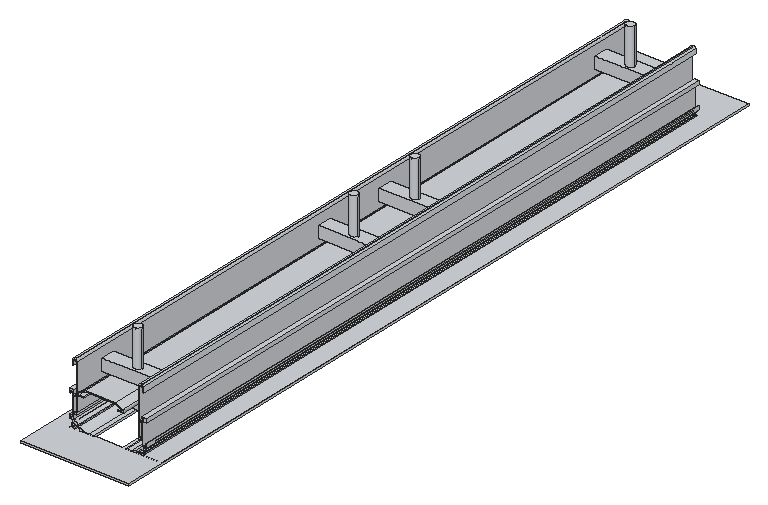
Revit family "DAC-H", category Air Terminals, Revit 2012
Parameters (values of type "DAC-I-01-1")
  URL = "http://www.innes.com.mx"
  Soportes = yes
  Perfil central = no
  Mínima velocidad de cuello = 0 FPM
  Mínima presión estática = 0.00 in-wg
  Máximo nivel de ruido (NC) = "32"
  Máxima velocidad de cuello = 0 FPM
  Máxima presión estática = 0.00 in-wg
  Min Flow = 0 CFM
  Medida req. = 24"
  Max Flow = 0 CFM
  Material = "Aluminio"
  Manufacturer = "INNES"
  Largo perfil = Medida req. - 1/16"  # 23 15/16"
  Largo frente = Medida req. + 2 7/8"  # 26 7/8"
  Deflector = yes
  Cuello = "Cuadrado"
  C = 2 11/16"
  B = 3 3/4"
  Ancho perfil medio = 1.95399"
  A = 1"
Types (11): name | Soportes | Perfil central | Máximo nivel de ruido (NC) | Medida req. | Material | Largo perfil | Largo frente | Deflector | Cuello | C | B | Ancho perfil medio | A
  (no name) | yes | no | "32" | 24" | "Aluminio" | 23 15/16" | 26 7/8" | yes | "Cuadrado" | 2 11/16" | 3 3/4" | 1.95399" | 1"
  DAC-I-01-3 | yes | no | "" | 144" | "" | 143 15/16" | 146 7/8" | yes | "" | 4 11/16" | 5 3/4" | 1.95399" | 3"
  DAC-I-01-1 | yes | no | "32" | 24" | "Aluminio" | 23 15/16" | 26 7/8" | yes | "Cuadrado" | 2 11/16" | 3 3/4" | 1.95399" | 1"
  DAC-I-01-1 1/2 | yes | no | "" | 72" | "" | 71 15/16" | 74 7/8" | yes | "" | 3 3/16" | 4 1/4" | 1.95399" | 1 1/2"
  DAC-I-01-2 | yes | no | "" | 48" | "" | 47 15/16" | 50 7/8" | yes | "" | 3 11/16" | 4 3/4" | 1.95399" | 2"
  DAC-I-01-2 1/2 | yes | no | "" | 48" | "" | 47 15/16" | 50 7/8" | yes | "" | 4 3/16" | 5 1/4" | 1.95399" | 2 1/2"
  DAC-I-02-1 | no | yes | "" | 24" | "" | 23 15/16" | 26 7/8" | no | "" | 5" | 6 1/8" | 1 3/8" | 3 3/8"
  DAC-I-02-3 | no | yes | "" | 24" | "" | 23 15/16" | 26 7/8" | no | "" | 9" | 10 1/8" | 1 3/8" | 7 3/8"
  DAC-I-02-1 1/2 | no | yes | "" | 48" | "" | 47 15/16" | 50 7/8" | no | "" | 6" | 7 1/8" | 1 3/8" | 4 3/8"
  DAC-I-02-2 | no | yes | "" | 72" | "" | 71 15/16" | 74 7/8" | no | "" | 7" | 8 1/8" | 1 3/8" | 5 3/8"
  DAC-I-02-2 1/2 | no | yes | "" | 48" | "" | 47 15/16" | 50 7/8" | no | "" | 8" | 9 1/8" | 1 3/8" | 6 3/8"
Reference planes (in)
  plane 1 "Center (Front/Back)": y = 0
  plane 2: z = 0
  plane 3 "Center (Left/Right)": x = 0
  plane 4: x = -1.34375
  plane 5: x = -0.5
  plane 6: x = 1.875
  plane 7: x = -1.875
  plane 8: x = 1.34375
  plane 9: x = 0.5
  plane 10: z = 2.21875
  plane 11: y = 11.96875
  plane 12: y = -11.96875
  plane 13: z = 1.25
  plane 14: z = 0.5
  plane 15: z = 1.125
  plane 16: z = 0.375
  plane 17: y = 13.4375
  plane 18: y = -13.4375
  plane 19: y = 12
  plane 20: y = -12
  plane 21: z = 1.125
  plane 22: z = 1.375
  plane 23: y = 10.9375
  plane 24: y = -10.4375
  plane 25: y = 10.4375
  plane 26: y = -10.9375
  plane 27: y = 1.5625
  plane 28: y = -1.5625
  plane 29: y = 1.0625
  plane 30: y = -1.0625
  plane 31: z = 0.65625
  plane 32: z = 1.0625
  plane 33: z = 1.4375
  plane 34: z = 1.84375
  plane 35: y = 1.32554
  plane 36: y = -1.3125
  plane 37: y = -10.6875
  plane 38: z = 3.09375
  plane 39: y = 10.66594
  plane 40: x = -0.97699
  plane 41: x = 0.97699
  plane 42: x = 0.03125
  plane 43: x = -0.03125
  plane 44: x = 0.97699
  plane 45: x = -0.97699
  plane 46: x = 0.03125
  plane 47: x = -0.03125
Forms (in)
  Sweep 1, solid
    path origin (0, 0, 0) x (0, 1, 0) y (0, 0, 1)
      loop
        line (11.96875, 0) -> (-11.96875, 0)
    profile origin (0, 0, 0) x (0, 0, -1) y (1, 0, 0)
      loop
        line (0, 0.5) -> (0, 1.875) -> (-0.06301, 1.875) -> (-0.06301, 1) -> (-0.11088, 1) -> (-0.16561, 1.07816)
        arc (-0.16561, 1.07816) -> (-0.07819, 1.15462) -> (-0.1322, 1.25743) r 0.09375
        line (-0.1322, 1.25743) -> (-0.13788, 1.2252)
        arc (-0.13788, 1.2252) -> (-0.17096, 1.11088) -> (-0.20405, 1.2252) r 0.06194
        line (-0.20405, 1.2252) -> (-0.22605, 1.2472)
        arc (-0.22605, 1.2472) -> (-0.24228, 1.23527) -> (-0.25421, 1.21904) r 0.06669
        line (-0.25421, 1.21904) -> (-0.32959, 1.21904) -> (-0.32959, 1.34375) -> (-0.45459, 1.34375) -> (-0.45459, 1.30439) -> (-0.375, 1.30439) -> (-0.375, 1.21093) -> (-1.20459, 1.21093) -> (-1.20459, 1.25) -> (-1.125, 1.25) -> (-1.125, 1.34375) -> (-1.25, 1.34375) -> (-1.25, 1.17991) -> (-1.14061, 1.17991) -> (-1.14061, 1.11926) -> (-1.07742, 1.11926) -> (-1.07742, 1.17991) -> (-0.57742, 1.17991) -> (-0.57742, 1.06561) -> (-0.51695, 1.06561) -> (-0.51695, 1.18803) -> (-0.36191, 1.18803)
        arc (-0.36191, 1.18803) -> (-0.11863, 0.95633) -> (-0.06301, 0.625) r 0.53125
        line (-0.06301, 0.625) -> (-0.06301, 0.5) -> (0, 0.5)
      loop
        line (0, -0.5) -> (-0.06301, -0.5) -> (-0.06301, -0.6875)
        arc (-0.06301, -0.6875) -> (-0.13669, -0.98301) -> (-0.36191, -1.18803) r 0.5255
        line (-0.36191, -1.18803) -> (-0.51695, -1.18803) -> (-0.51695, -1.07816) -> (-0.57742, -1.07816) -> (-0.57742, -1.18803) -> (-1.07742, -1.18803) -> (-1.07742, -1.12738) -> (-1.14061, -1.12738) -> (-1.14061, -1.18803) -> (-1.25, -1.18803) -> (-1.25, -1.34375) -> (-1.125, -1.34375) -> (-1.125, -1.28125) -> (-1.20459, -1.28125) -> (-1.20459, -1.21904) -> (-0.375, -1.21904) -> (-0.375, -1.28125) -> (-0.45459, -1.28125) -> (-0.45459, -1.34375) -> (-0.32959, -1.34375) -> (-0.32959, -1.21904) -> (-0.25421, -1.21904)
        arc (-0.25421, -1.21904) -> (-0.24228, -1.23527) -> (-0.22605, -1.2472) r 0.06669
        line (-0.22605, -1.2472) -> (-0.20405, -1.2252)
        arc (-0.20405, -1.2252) -> (-0.17096, -1.11088) -> (-0.13788, -1.2252) r 0.06194
        line (-0.13788, -1.2252) -> (-0.1322, -1.25743)
        arc (-0.1322, -1.25743) -> (-0.07819, -1.15462) -> (-0.16561, -1.07816) r 0.09375
        line (-0.16561, -1.07816) -> (-0.11088, -1) -> (-0.06301, -1) -> (-0.06301, -1.875) -> (0, -1.875) -> (0, -0.5)
      loop
        arc (-2.16311, 1.09383) -> (-2.20999, 1.14071) -> (-2.16311, 1.18758) r 0.04688
        line (-2.16311, 1.18758) -> (-2.02101, 1.20252) -> (-2.02428, 1.2336) -> (-2.20028, 1.22044)
        arc (-2.20028, 1.22044) -> (-2.24382, 1.12666) -> (-2.16268, 1.06258) r 0.08341
        line (-2.16268, 1.06258) -> (-0.6043, 1.06258) -> (-0.6043, 1.09383) -> (-2.16311, 1.09383)
      loop
        line (-2.16311, -1.10195) -> (-0.6043, -1.10195) -> (-0.6043, -1.0707) -> (-2.16268, -1.0707)
        arc (-2.16268, -1.0707) -> (-2.24382, -1.13478) -> (-2.20028, -1.22855) r 0.08341
        line (-2.20028, -1.22855) -> (-2.02428, -1.24171) -> (-2.02101, -1.21063) -> (-2.16311, -1.1957)
        arc (-2.16311, -1.1957) -> (-2.20999, -1.14882) -> (-2.16311, -1.10195) r 0.04688
  Extrusion 2, solid
    sketch origin (0, 0, 0) x (1, 0, 0) y (0, 1, 0)
      loop
        line (-1.875, 13.4375) -> (-1.875, -13.4375) -> (1.875, -13.4375) -> (1.875, 13.4375) -> (-1.875, 13.4375)
      loop
        line (-0.5, 11.96875) -> (-0.5, -11.96875) -> (0.5, -11.96875) -> (0.5, 11.96875) -> (-0.5, 11.96875)
    from 0 to 0.06301
  Extrusion 3, solid
    sketch origin (0.14912, 0.24853, 0) x (1, 0, 0) y (0, 1, 0)
      loop
        line (-1.21981, 10.68897) -> (-1.21981, 10.18897) -> (0.91649, 10.18897) -> (0.91649, 10.68897) -> (-1.21981, 10.68897)
      loop
        line (-1.21981, 1.31397) -> (-1.21981, 0.81397) -> (0.91346, 0.81397) -> (0.91346, 1.31397) -> (-1.21981, 1.31397)
      loop
        line (-1.21981, -1.31103) -> (-1.21981, -1.81103) -> (0.91346, -1.81103) -> (0.91346, -1.31103) -> (-1.21981, -1.31103)
      loop
        line (-1.21981, -10.68603) -> (-1.21981, -11.18603) -> (0.91649, -11.18603) -> (0.91649, -10.68603) -> (-1.21981, -10.68603)
    from 0.65625 to 1.0625
  Extrusion 4, solid
    sketch origin (0, 0, 0) x (1, 0, 0) y (0, 1, 0)
      loop
        line (-1.0707, 10.4375) -> (1.06561, 10.4375) -> (1.06561, 10.9375) -> (-1.0707, 10.9375) -> (-1.0707, 10.4375)
      loop
        line (-1.0707, 1.5625) -> (-1.0707, 1.0625) -> (1.06258, 1.0625) -> (1.06258, 1.5625) -> (-1.0707, 1.5625)
      loop
        line (-1.0707, -1.0625) -> (-1.0707, -1.5625) -> (1.06258, -1.5625) -> (1.06258, -1.0625) -> (-1.0707, -1.0625)
      loop
        line (-1.0707, -10.4375) -> (-1.0707, -10.9375) -> (1.06561, -10.9375) -> (1.06561, -10.4375) -> (-1.0707, -10.4375)
    from 1.4375 to 1.84375
  Extrusion 5, solid, visible <- "Soportes"
    sketch origin (0, 0, 0) x (1, 0, 0) y (0, 1, 0)
      loop
        circle (0, 1.32554) r 0.14063
      loop
        circle (0, -1.3125) r 0.14063
      loop
        circle (0, -10.6875) r 0.14063
      loop
        circle (0, 10.66594) r 0.14063
    from 0.6043 to 3.09375
  Sweep 6, solid, visible <- "Perfil central"
    path origin (0, 0, 0) x (1, 0, 0) y (0, 1, 0)
      loop
        line (0, 11.96875) -> (0, -11.96875)
    profile origin (0, 0, 0) x (1, 0, 0) y (0, 0, 1)
      loop
        line (-0.97699, 0) -> (0.97699, 0) -> (0.97699, 0.06301)
        arc (0.97699, 0.06301) -> (0.47405, 0.11732) -> (0.03125, 0.36191) r 1.28228
        line (0.03125, 0.36191) -> (0.03125, 2.21875) -> (-0.03125, 2.21875) -> (-0.03125, 0.36191)
        arc (-0.03125, 0.36191) -> (-0.47404, 0.11729) -> (-0.97699, 0.06301) r 1.28199
        line (-0.97699, 0.06301) -> (-0.97699, 0)
  Sweep 7, solid, visible <- "Deflector"
    path origin (0, 0, 0) x (1, 0, 0) y (0, 1, 0)
      loop
        line (0, 11.96875) -> (0, -11.96875)
    profile origin (0, 0, 0) x (1, 0, 0) y (0, 0, 1)
      loop
        line (-0.78945, 1.375) -> (-1.03301, 1.23437)
        arc (-1.03301, 1.23437) -> (-1.06115, 1.17132) -> (-1.00994, 1.125) r 0.0588
        line (-1.00994, 1.125) -> (-0.85369, 1.125) -> (-0.85369, 1.15614) -> (-1.00994, 1.15614)
        arc (-1.00994, 1.15614) -> (-1.03389, 1.18022) -> (-1.01951, 1.21098) r 0.02964
        line (-1.01951, 1.21098) -> (-0.78945, 1.34381) -> (0.27305, 1.34381) -> (0.50312, 1.21098)
        arc (0.50312, 1.21098) -> (0.51702, 1.1787) -> (0.49006, 1.15614) r 0.02941
        line (0.49006, 1.15614) -> (0.33381, 1.15614) -> (0.33381, 1.125) -> (0.49006, 1.125)
        arc (0.49006, 1.125) -> (0.54634, 1.16925) -> (0.51662, 1.23437) r 0.05791
        line (0.51662, 1.23437) -> (0.27305, 1.375) -> (-0.78945, 1.375)
Dimensions and locks (in)
  equal spacing: plane 6, plane 3 "Center (Left/Right)", plane 7
  "B": plane 6 to plane 7
  equal spacing: plane 9, plane 3 "Center (Left/Right)", plane 5
  "A": plane 9 to plane 5
  equal spacing: plane 8, plane 3 "Center (Left/Right)", plane 4
  "C": plane 8 to plane 4
  locked: plane 10 to level at 2.21875
  equal spacing: plane 11, plane 1 "Center (Front/Back)", plane 12
  "Largo perfil": plane 11 to plane 12
  plane 13 to level = 1 1/4"
  plane 13 to plane 15 = 1/8"
  plane 14 to level = 1/2"
  plane 14 to plane 16 = 1/8"
  equal spacing: plane 17, plane 1 "Center (Front/Back)", plane 18
  "Largo frente": plane 17 to plane 18
  equal spacing: plane 19, plane 1 "Center (Front/Back)", plane 20
  "Medida req.": plane 19 to plane 20
  locked: Sweep 1 sketch curve to Sweep 1 sketch curve at 0.03101
  locked: Sweep 1 sketch curve to Sweep 1 sketch curve at 0.08608  (x2)
  locked: Sweep 1 sketch curve to Sweep 1 sketch curve at 0.03125  (x2)
  locked: Sweep 1 sketch curve to Sweep 1 sketch curve at 0.06221
  locked: plane 21 to level at 1.125
  locked: plane 22 to level at 1.375
  plane 12 to plane 26 = 1 1/32"
  locked: plane 24 to plane 26 at 0.5
  locked: plane 11 to plane 23 at 1.03125
  locked: plane 23 to plane 25 at 0.5
  locked: plane 27 to plane 29 at 0.5
  locked: plane 30 to plane 28 at 0.5
  locked: plane 31 to level at 0.65625
  locked: plane 32 to plane 31 at 0.40625
  locked: plane 29 to plane 30 at 2.125
  plane 33 to plane 32 = 3/8"
  plane 34 to plane 33 = 13/32"
  locked: plane 30 to plane 36 at 0.25
  locked: plane 27 to plane 35 at 0.23696
  locked: plane 38 to level at 3.09375
  locked: plane 37 to plane 26 at 0.25
  locked: plane 23 to plane 39 at 0.27156
  locked: Sweep 1 sketch curve to Sweep 1 sketch curve at 0.0229
  equal spacing: plane 41, plane 3 "Center (Left/Right)", plane 40
  "Ancho perfil medio": plane 41 to plane 40
  plane 42 to plane 3 "Center (Left/Right)" = 1/32"
  plane 3 "Center (Left/Right)" to plane 43 = 1/32"
  equal spacing: plane 44, plane 3 "Center (Left/Right)", plane 45
  "Ancho perfil medio": plane 44 to plane 45
  plane 3 "Center (Left/Right)" to plane 47 = 1/32"
  plane 46 to plane 3 "Center (Left/Right)" = 1/32"
  locked: Sweep 7 to Sweep 1 at 0.21701
  radius of Sweep 7 = 0.02964"
  radius of Sweep 7 = 0.0588"
  aligned and locked: plane 2 to level
  aligned and locked: Extrusion 2 sketch curve to plane 17
  aligned and locked: plane 7 to Extrusion 2 sketch curve
  aligned and locked: plane 18 to Extrusion 2 sketch curve
  aligned and locked: Extrusion 2 sketch curve to plane 6
  aligned and locked: Sweep 1 to Extrusion 2 sketch curve
  aligned and locked: Extrusion 2 sketch curve to Sweep 1  (x3)
  aligned and locked: Extrusion 2 to Sweep 1
  aligned and locked: plane 7 to Sweep 1 sketch curve
  aligned and locked: level to Sweep 1 sketch curve
  aligned and locked: plane 5 to Sweep 1 sketch curve
  aligned and locked: Sweep 1 sketch curve to plane 4  (x2)
  aligned and locked: plane 6 to Sweep 1 sketch curve
  aligned and locked: plane 9 to Sweep 1 sketch curve
  aligned and locked: Sweep 1 sketch curve to plane 8  (x2)
  aligned and locked: Sweep 1 sketch curve to level
  aligned and locked: Extrusion 3 to Sweep 1  (x4)
  aligned and locked: plane 32 to Extrusion 3
  aligned and locked: plane 27 to Extrusion 3
  aligned and locked: plane 30 to Extrusion 3
  aligned and locked: plane 24 to Extrusion 3
  aligned and locked: plane 23 to Extrusion 3
  aligned and locked: Extrusion 4 sketch curve to plane 25
  aligned and locked: Extrusion 4 sketch curve to Extrusion 3  (x14)
  aligned and locked: plane 34 to Extrusion 4
  aligned and locked: Extrusion 4 to plane 33
  aligned and locked: Extrusion 4 to Sweep 1
  aligned and locked: plane 38 to Extrusion 5
  aligned and locked: plane 45 to Sweep 6 sketch curve
  aligned and locked: plane 44 to Sweep 6 sketch curve
  aligned and locked: Sweep 6 sketch curve to level
  aligned and locked: plane 10 to Sweep 6 sketch curve
Automatic sketch dimensions
  Sweep 1 sketch curve to level = 0"
  Sweep 1 sketch curve to plane 12 = 0"
  Sweep 1 sketch curve to plane 11 = 0"
  Extrusion 3 sketch curve to plane 8 = 0.27814"  (x2)
  plane 4 to Extrusion 3 sketch curve = 0.27305"  (x4)
  Extrusion 3 sketch curve to plane 8 = 0.28117"  (x2)
  plane 26 to Extrusion 3 sketch curve = 0"
  plane 24 to Extrusion 3 sketch curve = 0"
  plane 28 to Extrusion 3 sketch curve = 0"
  plane 30 to Extrusion 3 sketch curve = 0"
  plane 29 to Extrusion 3 sketch curve = 0"
  plane 27 to Extrusion 3 sketch curve = 0"
  plane 25 to Extrusion 3 sketch curve = 0"
  plane 23 to Extrusion 3 sketch curve = 0"
  plane 4 to Extrusion 4 sketch curve = 0.27305"
  Extrusion 5 sketch curve to plane 3 "Center (Left/Right)" = 0"  (x4)
  Extrusion 5 sketch curve to plane 37 = 0"
  Extrusion 5 sketch curve to plane 36 = 0"
  Extrusion 5 sketch curve to plane 35 = 0"
  Extrusion 5 sketch curve to plane 39 = 0"
  Sweep 1 sketch curve to plane 13 = 0"  (x2)
  Sweep 1 sketch curve to plane 15 = 0"  (x2)
  Sweep 1 sketch curve to plane 16 = 0"  (x2)
  plane 13 to Sweep 1 sketch curve = 0.95028"  (x2)
  Sweep 1 sketch curve to Sweep 1 sketch curve = 0.03717"  (x2)
  Sweep 1 sketch curve to Sweep 1 sketch curve = 0.00043"  (x2)
  Sweep 1 sketch curve to Sweep 1 sketch curve = 0.13883"  (x2)
  Sweep 1 sketch curve to Sweep 1 sketch curve = 0.00327"  (x2)
  Sweep 1 sketch curve to plane 13 = 0.04541"  (x2)
  plane 15 to Sweep 1 sketch curve = 1/64"  (x2)
  Sweep 1 sketch curve to plane 15 = 0.04758"  (x2)
  plane 14 to Sweep 1 sketch curve = 0.1043"  (x2)
  plane 14 to Sweep 1 sketch curve = 0.08786"  (x2)
  plane 14 to Sweep 1 sketch curve = 0.07742"  (x2)
  plane 14 to Sweep 1 sketch curve = 0.01695"  (x2)
  Sweep 1 sketch curve to plane 14 = 0.04541"  (x2)
  Sweep 1 sketch curve to plane 16 = 0.01309"  (x2)
  Sweep 1 sketch curve to Sweep 1 sketch curve = 0.03232"  (x2)
  Sweep 1 sketch curve to Sweep 1 sketch curve = 0.07538"  (x2)
  Sweep 1 sketch curve to Sweep 1 sketch curve = 0.02816"  (x3)
  Sweep 1 sketch curve to Sweep 1 sketch curve = 0.02201"  (x3)
  Sweep 1 sketch curve to Sweep 1 sketch curve = 0.00892"  (x2)
  Sweep 1 sketch curve to Sweep 1 sketch curve = 0.02416"  (x2)
  Sweep 1 sketch curve to Sweep 1 sketch curve = 0.00061"  (x2)
  Sweep 1 sketch curve to Sweep 1 sketch curve = 0.00475"  (x2)
  Sweep 1 sketch curve to Sweep 1 sketch curve = 0.03308"  (x2)
  Sweep 1 sketch curve to Sweep 1 sketch curve = 0.00568"  (x2)
  Sweep 1 sketch curve to Sweep 1 sketch curve = 0.05473"  (x2)
  Sweep 1 sketch curve to Sweep 1 sketch curve = 0.04787"
  profile plane to Sweep 1 sketch curve = 0.06301"  (x3)
  Sweep 1 sketch curve to Sweep 1 sketch curve = 1/16"  (x2)
  Sweep 1 sketch curve to Sweep 1 sketch curve = 0.08632"
  Sweep 1 sketch curve to Sweep 1 sketch curve = 0.01023"
  Sweep 1 sketch curve to Sweep 1 sketch curve = 0.10204"
  Sweep 1 sketch curve to Sweep 1 sketch curve = 0.01316"
  Sweep 1 sketch curve to Sweep 1 sketch curve = 0.03108"
  Sweep 1 sketch curve to Sweep 1 sketch curve = 0.09322"
  Sweep 1 sketch curve to Sweep 1 sketch curve = 0"  (x2)
  Sweep 1 sketch curve to Sweep 1 sketch curve = 0.01529"  (x2)
  Sweep 1 sketch curve to Sweep 1 sketch curve = 0.00103"  (x2)
  Sweep 1 sketch curve to Sweep 1 sketch curve = 0.06065"  (x2)
  Sweep 1 sketch curve to Sweep 1 sketch curve = 0.00747"
  Sweep 1 sketch curve to Sweep 1 sketch curve = 0.07816"  (x2)
  Sweep 1 sketch curve to Sweep 1 sketch curve = 0.35711"
  Sweep 1 sketch curve to Sweep 1 sketch curve = 1/8"
  Sweep 1 sketch curve to Sweep 1 sketch curve = 0.08222"
  Sweep 1 sketch curve to Sweep 1 sketch curve = 0.18803"
  Sweep 1 sketch curve to Sweep 1 sketch curve = 0.00302"
  Sweep 1 sketch curve to Sweep 1 sketch curve = 3/64"
  Sweep 1 sketch curve to Sweep 1 sketch curve = 0.00528"
  Sweep 1 sketch curve to Sweep 1 sketch curve = 0.09363"
  Sweep 1 sketch curve to Sweep 1 sketch curve = 0.03101"
  Sweep 1 sketch curve to Sweep 1 sketch curve = 0.01494"
  Sweep 1 sketch curve to Sweep 1 sketch curve = 0.03092"
  Sweep 1 sketch curve to Sweep 1 sketch curve = 0.03223"
  Sweep 1 sketch curve to Sweep 1 sketch curve = 5/128"
  Sweep 1 sketch curve to Sweep 1 sketch curve = 0.03936"
  Sweep 6 sketch curve to plane 3 "Center (Left/Right)" = 0"
  plane 12 to Sweep 6 sketch curve = 0"
  plane 11 to Sweep 6 sketch curve = 0"
  Sweep 6 sketch curve to plane 47 = 0"
  Sweep 6 sketch curve to plane 46 = 0"
  plane 45 to Sweep 6 sketch curve = 0.11661"
  Sweep 6 sketch curve to plane 44 = 0.11652"
  Sweep 6 sketch curve to Sweep 6 sketch curve = 0.06301"  (x2)
  level to Sweep 6 sketch curve = 0.36191"
  Sweep 6 sketch curve to Sweep 6 sketch curve = 0"
  Sweep 7 sketch curve to plane 3 "Center (Left/Right)" = 0"
  plane 12 to Sweep 7 sketch curve = 0"
  plane 11 to Sweep 7 sketch curve = 0"
  profile plane to Sweep 7 sketch curve = 1.03301"
  Sweep 7 sketch curve to Sweep 7 sketch curve = 0.01351"  (x2)
  Sweep 7 sketch curve to Sweep 7 sketch curve = 0.00957"
  Sweep 7 sketch curve to Sweep 7 sketch curve = 0"  (x4)
  Sweep 7 sketch curve to Sweep 7 sketch curve = 0.01482"
  Sweep 7 sketch curve to Sweep 7 sketch curve = 0.00107"
  Sweep 7 sketch curve to Sweep 7 sketch curve = 5/32"
  Sweep 7 sketch curve to Sweep 7 sketch curve = 0.06424"
  Sweep 7 sketch curve to profile plane = 0.27305"
  Sweep 7 sketch curve to Sweep 7 sketch curve = 0.06076"
  Sweep 7 sketch curve to Sweep 7 sketch curve = 0.1546"
  Sweep 7 sketch curve to Sweep 7 sketch curve = 0.00165"
  Sweep 7 sketch curve to Sweep 7 sketch curve = 0.01471"
  level to Sweep 7 sketch curve = 1 1/8"  (x2)
  Sweep 7 sketch curve to Sweep 7 sketch curve = 0.03114"  (x2)
  Sweep 7 sketch curve to Sweep 7 sketch curve = 0.02677"
  Sweep 7 sketch curve to Sweep 7 sketch curve = 0.02731"
  Sweep 7 sketch curve to Sweep 7 sketch curve = 0.00186"
  Sweep 7 sketch curve to Sweep 7 sketch curve = 0.0026"
  Sweep 7 sketch curve to Sweep 7 sketch curve = 0.18766"
  Sweep 7 sketch curve to Sweep 7 sketch curve = 0.03119"
  radius of Extrusion 5 sketch curve = 9/64"  (x4)
Connectors (in)
  hvac at (0, 0, 0.06301), driven by "Medida req.", driven by "C"
    settings: on Extrusion 2, index 1, duct flow 0 CFM, flow factor 0, pres drop 0.00 in-wg, loss coef 0, conn angle 0.00°, conn width 2 11/16", conn height 24", conn radius 12", duct sys type 1, conn prof type 1, flow config 0, flow direction 0, loss method 0, conn ref index -1, conn util no, is conn primary yes, conn desc ""
